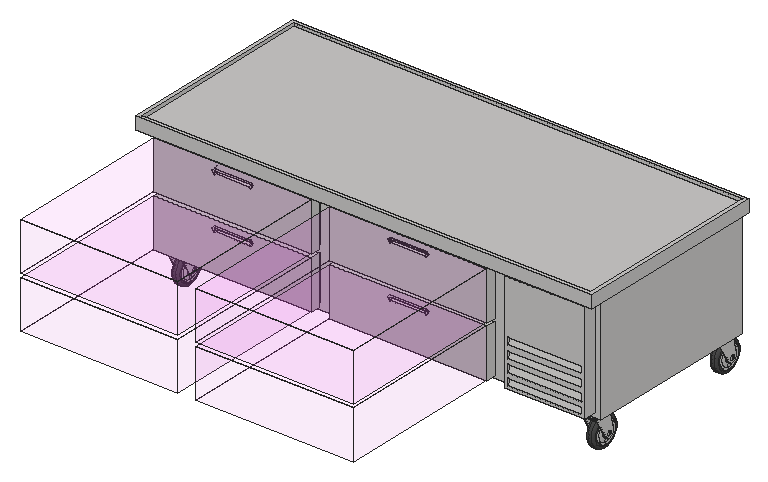
Revit family "QF_Kelvinator_738312_KCHCB72R_4-Drawer_Chef_Base_Refrigerator_74_Long", category Specialty Equipment, Revit 2021
Family settings
  Round Connector Dimension = Use Diameter
  Part Type = Normal
  Work Plane-Based = No
  Always vertical = Yes
  Cut with Voids When Loaded = No
  Shared = No
  Room Calculation Point = No
Parameters
  Weight in Pounds = 632.727
  Watts = 200 W
  Volts = 115 V
  URL Cutsheet = ""
  Specification by User = ""
  Specification by Manufacturer = ""
  Serial Number = ""
  Seismic Rating = ""
  SMACNA No = ""
  Revision Code = ""
  Refrigerant Type = "R290"
  Phase = 1
  Number of Poles = 1
  NAFEM Spec ID Number = ""
  Model = "738312 (KCHCB72R)"
  Min Ckt Ampacity = 0 A
  Max Overcurrent Protection = 0 A
  Masterspec = ""
  Manufacturer = "Kelvinator Commercial"
  Length = 74.016"
  Item Number = "738312"
  Installed By = ""
  Identify Quantity as Lot = yes
  Height = 25.984"
  HP = "1/5"
  Furnished By = ""
  Foodservice Equipment Identifier = yes
  FL Amps = 2.1 A
  Electrical Remarks = ""
  Electric Connection Type = ""
  Elec Conn RI Height = 0.000"
  Elec Conn Connection Height = 0.000"
  Description = "4-Drawer Chef Base Refrigerator 74\" Long"
  Depth = 31.890"
  Default Elevation = 0.000"
  Cycle = 60 Hz
  Conn Plug = "5-15P"
  Conn Conduit = yes
  CSI MasterFormat = ""
  Apparent Power = 0 VA
Reference planes (in)
  plane 1 "BACK": y = 0
  plane 2: z = 0
  plane 3 "LEFT": x = 0
  plane 4 "RIGHT": x = 74.016
  plane 5 "FRONT": y = -31.89
  plane 6 "TOP": z = 25.984
  plane 7 "Center Y": x = 37.008
  plane 8 "Center X": y = -15.945
Dimensions and locks (in)
  equal spacing: plane 3 "LEFT", plane 7 "Center Y", plane 4 "RIGHT"
  "Length": plane 3 "LEFT" to plane 4 "RIGHT"
  equal spacing: plane 5 "FRONT", plane 8 "Center X", plane 1 "BACK"
  "Depth": plane 5 "FRONT" to plane 1 "BACK"
  "Height": plane 6 "TOP" to level
  aligned and locked: level to plane 2
Nested families (in)
  nested 1: "Family2" at (0, 0, 0), type "Family2"
    with Show Clearance yes
Connectors (in)
  electrical at (37.00038, -2, 5.5), driven by "Volts", driven by "Watts"
    settings: on nested 1, index 1, voltage 115 V, apparent load 200 VA, apparent load phase1 0 VA, apparent load phase2 0 VA, apparent load phase3 0 VA, power factor 1, load classification "Other", number of poles 1, system type 30, power factor state 1, is connector primary yes, connector utility no, sub classification motor no, connector description ""
Definition of nested family "Family2"
  Parameters (values of type "Family2")
    Weight in Pounds = 0
    URL Cutsheet = ""
    Specification by User = ""
    Specification by Manufacturer = ""
    Show Clearance [instance] = yes
    Serial Number = ""
    Seismic Rating = ""
    SMACNA No = ""
    Revision Code = ""
    NAFEM Spec ID Number = ""
    Masterspec = ""
    Length = 74.016"
    Item Number = ""
    Installed By = ""
    Identify Quantity as Lot = yes
    Height = 25.984"
    Furnished By = ""
    Foodservice Equipment Identifier = yes
    Depth = 31.890"
    Default Elevation = 0.000"
    CSI MasterFormat = ""
  Reference planes (in)
    plane 1 "BACK": y = 0
    plane 2: z = 0
    plane 3 "LEFT": x = 0
    plane 4 "RIGHT": x = 74.016
    plane 5 "FRONT": y = -31.89
    plane 6 "TOP": z = 25.984
    plane 7 "Center Y": x = 37.008
    plane 8 "Center X": y = -15.945
    plane 9: x = 0.98475
    plane 10: x = 73.016
    plane 11: x = 2
    plane 12: x = 27.6
    plane 13: x = 72.016
    plane 14: x = 59.016
    plane 15: z = 15.1
    plane 16: z = 23
    plane 17: z = 5.984
    plane 18: z = 23.984
    plane 19: y = -28.7
    plane 20: y = -57.9
    plane 21: x = 0.5
    plane 22: x = 73.516
    plane 23: z = 14.6
    plane 24: z = 6.7
    plane 25: x = 71.516
    plane 26: x = 59.516
    plane 27: x = 70.766
    plane 28: x = 3.25
    plane 29: x = 30.5375
  Forms (in)
    Extrusion 1, solid
      sketch origin (0.98475, -180, 36.08177) x (0, 0, 1) y (0, -1, 0)
        loop
          line (-12.09777, -151.3) -> (-30.08177, -151.3) -> (-30.08177, -180) -> (-12.09777, -180) -> (-12.09777, -151.3)
      from 0 to 72.03125
    Extrusion 2, solid
      sketch origin (0, 0, 0) x (0, 1, 0) y (0, 0, 1)
        loop
          line (-31.89, 25.984) -> (-31.89, 23.984) -> (0, 23.984) -> (0, 25.984) -> (-31.89, 25.984)
      from 0 to 74.016
    Extrusion 3, void
      sketch origin (0.5, -180, 24.54005) x (0, 0, 1) y (0, -1, 0)
        loop
          line (1.44395, -148.61) -> (0.94395, -148.61) -> (0.94395, -179.5) -> (1.44395, -179.5) -> (1.44395, -148.61)
      from 0 to 73.016
    Extrusion 4, solid
      sketch origin (0, -28.7, -3.09046) x (0, 0, -1) y (1, 0, 0)
        loop
          line (-26.09046, 59.016) -> (-9.79046, 59.016) -> (-9.79046, 72.016) -> (-26.09046, 72.016) -> (-26.09046, 59.016)
      from 0 to 2
    Extrusion 5, void
      sketch origin (71.516, -180, 13.44376) x (0, 0, -1) y (0, -1, 0)
        loop
          line (6.33783, -149.285) -> (6.33783, -148.91) -> (-0.83628, -148.91) -> (-0.83628, -149.7453) -> (0.38717, -149.3) -> (1.16811, -149.3) -> (1.16811, -149.7453) -> (2.39156, -149.3) -> (3.17249, -149.3) -> (3.17249, -149.7453) -> (4.39594, -149.3) -> (5.11438, -149.3) -> (5.11438, -149.7453) -> (6.33783, -149.285)
      from 0 to 12
    Extrusion 6, solid
      sketch origin (0.98475, 0, 6) x (-1, 0, 0) y (0, 1, 0)
        loop
          circle (-36.01563, -2) r 0.25
      from 0 to 0.5
  Cuts and joins
    Extrusion 3 cuts Extrusion 2
    Extrusion 5 cuts Extrusion 4
  Lines and regions (in)
    symbolic lines
      curve 1: line (0, 0, 0) -> (0, -31.89, 0)
      curve 2: line (0, -31.89, 0) -> (74.016, -31.89, 0)
      curve 3: line (74.016, -31.89, 0) -> (74.016, 0, 0)
      curve 4: line (74.016, 0, 0) -> (0, 0, 0)
      curve 5: line (0.5, -31.39, 0) -> (0.5, -0.5, 0)
      curve 6: line (0.5, -0.5, 0) -> (73.516, -0.5, 0)
      curve 7: line (73.516, -0.5, 0) -> (73.516, -31.39, 0)
      curve 8: line (73.516, -31.39, 0) -> (0.5, -31.39, 0)
  Dimensions and locks (in)
    equal spacing: plane 3 "LEFT", plane 7 "Center Y", plane 4 "RIGHT"
    "Length": plane 3 "LEFT" to plane 4 "RIGHT"
    equal spacing: plane 5 "FRONT", plane 8 "Center X", plane 1 "BACK"
    "Depth": plane 5 "FRONT" to plane 1 "BACK"
    "Height": plane 6 "TOP" to level
    plane 3 "LEFT" to plane 4 "RIGHT" = 74.016"
    plane 10 to plane 9 = 72.03125"
    plane 11 to plane 12 = 25.600"
    locked: plane 14 to plane 13 at 13
    plane 16 to plane 15 = 7.900"  (x2)
    plane 6 "TOP" to plane 17 = 20.000"
    plane 18 to plane 17 = 18.000"
    plane 19 to plane 1 "BACK" = 28.700"
    plane 5 "FRONT" to plane 1 "BACK" = 31.890"
    plane 20 to plane 1 "BACK" = 57.900"
    plane 17 to level = 5.984"
    locked: plane 4 "RIGHT" to plane 10 at 1
    locked: plane 4 "RIGHT" to plane 22 at 0.5
    plane 23 to plane 24 = 7.900"
    locked: plane 13 to plane 4 "RIGHT" at 2
    locked: plane 13 to plane 25 at 0.5
    locked: plane 14 to plane 26 at 0.5
    locked: plane 4 "RIGHT" to plane 27 at 3.25
    locked: plane 3 "LEFT" to plane 11 at 2
    aligned and locked: level to plane 2
    aligned and locked: plane 10 to Extrusion 1
    aligned and locked: Extrusion 2 to plane 4 "RIGHT"
    aligned and locked: plane 18 to Extrusion 1
    aligned and locked: plane 22 to cut or joined group of Extrusion 2, Extrusion 3
    aligned and locked: Extrusion 5 to plane 26
    aligned and locked: plane 14 to Extrusion 4
    aligned and locked: Extrusion 4 to plane 13
    aligned and locked: nested 4 to plane 28
    aligned and locked: plane 27 to nested 5
    aligned and locked: nested 6 to plane 28
    aligned and locked: plane 27 to nested 3
    aligned and locked: plane 29 to nested 7
    aligned and locked: plane 29 to nested 8
  Automatic sketch dimensions
    level to Extrusion 1 sketch curve = 6.000"
    plane 16 to Extrusion 1 sketch curve = 0.984"
    Extrusion 1 sketch curve to plane 1 "BACK" = 0.000"
    Extrusion 1 sketch curve to plane 19 = 0.000"
    Extrusion 2 sketch curve to plane 5 "FRONT" = 0.000"
    Extrusion 2 sketch curve to plane 1 "BACK" = 0.000"
    Extrusion 2 sketch curve to plane 18 = 0.000"
    Extrusion 2 sketch curve to plane 6 "TOP" = 0.000"
    Extrusion 3 sketch curve to plane 6 "TOP" = 0.000"
    Extrusion 3 sketch curve to plane 6 "TOP" = 0.500"
    plane 1 "BACK" to Extrusion 3 sketch curve = 0.500"
    Extrusion 3 sketch curve to plane 5 "FRONT" = 0.500"
    plane 13 to Extrusion 4 sketch curve = 0.000"
    Extrusion 4 sketch curve to plane 16 = 0.000"
    plane 14 to Extrusion 4 sketch curve = 0.000"
    Extrusion 4 sketch curve to plane 24 = 0.000"
    plane 24 to Extrusion 5 sketch curve = 0.40593"
    Extrusion 5 sketch curve to Extrusion 5 sketch curve = 1.22345"  (x3)
    Extrusion 5 sketch curve to Extrusion 5 sketch curve = 0.71843"
    plane 19 to Extrusion 5 sketch curve = 1.5547"  (x4)
    Extrusion 5 sketch curve to Extrusion 5 sketch curve = 0.78093"  (x2)
    Extrusion 5 sketch curve to plane 23 = 0.31996"
    Extrusion 5 sketch curve to Extrusion 5 sketch curve = 0.4453"  (x3)
    Extrusion 5 sketch curve to plane 5 "FRONT" = 1.175"
    Extrusion 5 sketch curve to Extrusion 5 sketch curve = 0.375"
    curve 1 to plane 3 "LEFT" = 0.000"
    plane 1 "BACK" to curve 3 = 0.000"
    curve 3 to plane 4 "RIGHT" = 0.000"
    plane 5 "FRONT" to curve 1 = 0.000"
    curve 5 to plane 21 = 0.000"
    curve 8 to plane 22 = 0.000"
    curve 5 to plane 5 "FRONT" = 0.500"
    plane 1 "BACK" to curve 5 = 0.500"
    Extrusion 1 to Extrusion 6 sketch curve = 2.000"
    Extrusion 6 sketch curve to Extrusion 1 = 36.01562"
    radius of Extrusion 6 sketch curve = 0.250"
  Nested families (in)
    nested 1: "Family3" at (2, -28.7, 15.1), Show Clearance <- "Show Clearance", type "Family3"
    nested 2: "Family3" at (2, -28.7, 6.7), Show Clearance <- "Show Clearance", type "Family3"
    nested 3: "6 INCHES 02_CASTER" at (70.766, -26.8125, 0), type "6 INCHES 02_CASTER"
      with Type Mark "", Specification by User "", Show Casters yes, Revision Code "", Item Number "", Installed By "", Identify Quantity as Lot yes, Furnished By "", Foodservice Equipment Identifier yes
    nested 4: "6 INCHES 02_CASTER" at (3.25, -26.8125, 0), type "6 INCHES 02_CASTER"
      with Type Mark "", Specification by User "", Show Casters yes, Revision Code "", Item Number "", Installed By "", Identify Quantity as Lot yes, Furnished By "", Foodservice Equipment Identifier yes
    nested 5: "6 INCHES 02_CASTER" at (70.766, -1.8125, 0), type "6 INCHES 02_CASTER"
      with Type Mark "", Specification by User "", Show Casters yes, Revision Code "", Item Number "", Installed By "", Identify Quantity as Lot yes, Furnished By "", Foodservice Equipment Identifier yes
    nested 6: "6 INCHES 02_CASTER" at (3.25, -1.8125, 0), type "6 INCHES 02_CASTER"
      with Type Mark "", Specification by User "", Show Casters yes, Revision Code "", Item Number "", Installed By "", Identify Quantity as Lot yes, Furnished By "", Foodservice Equipment Identifier yes
    nested 7: "Family3" at (30.5375, -28.7, 15.1), Show Clearance <- "Show Clearance", type "Family3"
    nested 8: "Family3" at (30.5375, -28.7, 6.7), Show Clearance <- "Show Clearance", type "Family3"
  Definition of nested family "Family3"
    Parameters (values of type "Family3")
      Weight in Pounds = 0
      URL Cutsheet = ""
      Specification by User = ""
      Specification by Manufacturer = ""
      Show Clearance [instance] = yes
      Serial Number = ""
      Seismic Rating = ""
      SMACNA No = ""
      Revision Code = ""
      NAFEM Spec ID Number = ""
      Masterspec = ""
      Length = 25.600"
      Item Number = ""
      Installed By = ""
      Identify Quantity as Lot = yes
      Height = 7.900"
      Furnished By = ""
      Foodservice Equipment Identifier = yes
      Depth = 2.000"
      Default Elevation = 0.000"
      CSI MasterFormat = ""
    Reference planes (in)
      plane 1 "BACK": y = 0
      plane 2: z = 0
      plane 3 "LEFT": x = 0
      plane 4 "RIGHT": x = 25.6
      plane 5 "FRONT": y = -2
      plane 6 "TOP": z = 7.9
      plane 7 "Center Y": x = 12.8
      plane 8 "Center X": y = -1
      plane 9: y = -29.2
      plane 10: x = 0.3125
      plane 11: x = 25.2875
      plane 12: y = -3.28088
    Forms (in)
      Extrusion 1, solid
        sketch origin (0, 0, 0) x (1, 0, 0) y (0, 0, 1)
          loop
            line (0, 7.9) -> (0, 0) -> (25.6, 0) -> (25.6, 7.9) -> (0, 7.9)
        from 0.55357 to 2
      Extrusion 2, void
        sketch origin (12.8, 6.90541, 47.5625) x (0, -1, 0) y (0, 0, 1)
          loop
            line (8.90541, -41.4125) -> (8.90541, -40.85381) -> (8.53969, -40.48809) -> (8.07278, -40.955) -> (8.24839, -41.4125) -> (8.90541, -41.4125)
        from -3 to 3
      Extrusion 3, solid
        sketch origin (0, -2, 0) x (1, 0, 0) y (0, 0, 1)
          loop
            line (15.61904, 6.70869) -> (15.72024, 6.6075) -> (15.61904, 6.15) -> (15.8, 6.15) -> (16.07615, 6.60514) -> (15.7226, 6.95869) -> (9.8774, 6.95869) -> (9.52385, 6.60514) -> (9.80153, 6.14747) -> (9.98151, 6.14747) -> (9.87976, 6.6075) -> (9.98096, 6.70869) -> (15.61904, 6.70869)
        from 0.10088 to -1
      Extrusion 4, solid, visible <- "Show Clearance"
        sketch origin (0, 0, 0) x (0, 1, 0) y (0, 0, 1)
          loop
            line (-29.2, 7.9) -> (-29.2, 0) -> (-2, 0) -> (-2, 7.9) -> (-29.2, 7.9)
        from 0 to 25.6
      Extrusion 5, solid
        sketch origin (0.3125, -180, 8.89478) x (0, 0, 1) y (0, -1, 0)
          loop
            line (-1.29318, -179.44643) -> (-8.58228, -179.44643) -> (-8.58228, -179.75) -> (-1.29318, -179.75) -> (-1.29318, -179.44643)
        from 0 to 24.975
      Extrusion 6, solid
        sketch origin (0.3125, -179.75, 8.89478) x (0, 0, 1) y (0, -1, 0)
          loop
            line (-1.29318, -179.5) -> (-8.58228, -179.5) -> (-8.58228, -179.75) -> (-1.29318, -179.75) -> (-1.29318, -179.5)
        from 0 to 24.975
    Cuts and joins
      Extrusion 2 cuts Extrusion 1
      Extrusion 2 cuts Extrusion 3
      joined: Extrusion 1, Extrusion 3
    Lines and regions (in)
      symbolic lines, visible <- "Show Clearance"
        curve 1: line (0, -3.28088, 0) -> (0, -29.2, 0)
        curve 2: line (0, -29.2, 0) -> (25.6, -29.2, 0)
        curve 3: line (25.6, -29.2, 0) -> (25.6, -3.28088, 0)
    Dimensions and locks (in)
      equal spacing: plane 3 "LEFT", plane 7 "Center Y", plane 4 "RIGHT"
      "Length": plane 3 "LEFT" to plane 4 "RIGHT"
      equal spacing: plane 5 "FRONT", plane 8 "Center X", plane 1 "BACK"
      "Depth": plane 5 "FRONT" to plane 1 "BACK"
      "Height": plane 6 "TOP" to level
      plane 9 to plane 5 "FRONT" = 27.200"
      locked: plane 11 to plane 4 "RIGHT" at 0.3125
      locked: plane 3 "LEFT" to plane 10 at 0.3125
      aligned and locked: level to plane 2
      aligned and locked: Extrusion 4 to plane 4 "RIGHT"
      aligned and locked: Extrusion 6 to plane 11
      aligned and locked: Extrusion 5 to plane 11
    Automatic sketch dimensions
      Extrusion 1 sketch curve to level = 0.000"
      Extrusion 1 sketch curve to plane 3 "LEFT" = 0.000"
      plane 4 "RIGHT" to Extrusion 1 sketch curve = 0.000"
      Extrusion 1 sketch curve to plane 6 "TOP" = 0.000"
      Extrusion 2 sketch curve to plane 5 "FRONT" = 0.000"
      Extrusion 2 sketch curve to plane 5 "FRONT" = 0.36572"
      Extrusion 2 sketch curve to plane 8 "Center X" = 0.34299"
      Extrusion 2 sketch curve to plane 8 "Center X" = 0.16737"
      Extrusion 2 sketch curve to plane 6 "TOP" = 1.750"
      Extrusion 2 sketch curve to Extrusion 2 sketch curve = 0.4575"
      Extrusion 2 sketch curve to Extrusion 2 sketch curve = 0.55869"
      Extrusion 3 sketch curve to plane 6 "TOP" = 1.29486"  (x2)
      Extrusion 3 sketch curve to plane 7 "Center Y" = 3.27615"
      Extrusion 3 sketch curve to Extrusion 3 sketch curve = 0.27768"
      Extrusion 3 sketch curve to Extrusion 3 sketch curve = 0.35355"
      Extrusion 3 sketch curve to plane 6 "TOP" = 1.2925"  (x2)
      Extrusion 3 sketch curve to Extrusion 3 sketch curve = 0.00236"
      Extrusion 3 sketch curve to Extrusion 3 sketch curve = 0.10119"  (x2)
      Extrusion 3 sketch curve to Extrusion 3 sketch curve = 0.17998"
      Extrusion 3 sketch curve to plane 6 "TOP" = 1.19131"
      plane 7 "Center Y" to Extrusion 3 sketch curve = 2.81904"
      Extrusion 3 sketch curve to Extrusion 3 sketch curve = 0.000"
      Extrusion 3 sketch curve to plane 6 "TOP" = 0.94131"
      Extrusion 3 sketch curve to Extrusion 3 sketch curve = 0.10355"
      Extrusion 3 sketch curve to Extrusion 3 sketch curve = 0.18096"
      Extrusion 3 sketch curve to Extrusion 3 sketch curve = 0.35591"
      Extrusion 3 sketch curve to Extrusion 3 sketch curve = 0.4575"
      Extrusion 3 sketch curve to Extrusion 3 sketch curve = 0.46003"
      Extrusion 4 sketch curve to level = 0.000"
      Extrusion 4 sketch curve to plane 9 = 0.000"
      Extrusion 4 sketch curve to plane 5 "FRONT" = 0.000"
      Extrusion 4 sketch curve to plane 6 "TOP" = 0.000"
      level to Extrusion 5 sketch curve = 0.3125"
      Extrusion 5 sketch curve to plane 6 "TOP" = 0.29841"
      plane 1 "BACK" to Extrusion 5 sketch curve = 0.250"
      Extrusion 5 sketch curve to Extrusion 5 sketch curve = 0.30357"
      level to Extrusion 6 sketch curve = 0.3125"
      Extrusion 6 sketch curve to plane 6 "TOP" = 0.29841"
      plane 1 "BACK" to Extrusion 6 sketch curve = 0.000"
      Extrusion 6 sketch curve to Extrusion 6 sketch curve = 0.250"
      curve 1 to plane 3 "LEFT" = 0.000"
      curve 3 to plane 4 "RIGHT" = 0.000"
      curve 1 to plane 9 = 0.000"
      curve 3 to plane 12 = 0.000"
      curve 1 to plane 12 = 0.000"
  Definition of nested family "6 INCHES 02_CASTER"
    Parameters (values of type "6 INCHES 02_CASTER")
      Weight = ""
      URL Manufacturer = ""
      URL Cutsheet = ""
      URL = ""
      Type Mark [instance] = ""
      Specification by User [instance] = ""
      Specification by Manufacturer = ""
      Show Casters [instance] = yes
      Serial Number = ""
      Seismic Rating = ""
      SMACNA No = ""
      Revision Code [instance] = ""
      Omniclass Number and Title = ""
      NAFEM Spec ID Number = ""
      Model = ""
      MasterSpec. = ""
      Manufacturer = ""
      Item Number [instance] = ""
      Installed By [instance] = ""
      Identify Quantity as Lot [instance] = yes
      Furnished By [instance] = ""
      Foodservice Equipment Identifier [instance] = yes
      Description = ""
      Default Elevation = 0.000"
      CSI MasterFormat = ""
      CSI Master Format = ""
    Reference planes (in)
      plane 1 "BACK": y = 0
      plane 2: z = 0
      plane 3 "LEFT": x = 0
      plane 4 "RIGHT": x = 0
      plane 5 "FRONT": y = 0
      plane 6 "TOP": z = 6
    Forms (in)
      Revolve 1, solid, visible <- "Show Casters"
        sketch origin (-2.21793, 0, -0.25) x (-1, 0, 0) y (0, 0, 1)
          loop
            line (-2.21793, 6) -> (-2.21793, 5.55584) -> (-0.93693, 5.55584) -> (-0.93693, 6) -> (-2.21793, 6)
          axis (-2.21793, 5.55584) -> (-2.21793, 6)
        angle from 0 to 360
      Extrusion 2, solid, visible <- "Show Casters"
        sketch origin (0.25594, 2.08988, -0.1875) x (0, 1, 0) y (0, 0, 1)
          loop
            line (-3.37793, 5.49334) -> (-3.37793, 5.24334) -> (-1.67236, 2.30765)
            arc (-1.67236, 2.30765) -> (-0.65502, 1.97635) -> (-0.25363, 2.96812) r 0.78437
            line (-0.25363, 2.96812) -> (-0.80182, 5.49334) -> (-3.37793, 5.49334)
        from 0.78968 to 0.90247
      Extrusion 3, solid, visible <- "Show Casters"
        sketch origin (0, 0, 5.75) x (0, 1, 0) y (-1, 0, 0)
          loop
            circle (0, 0) r 0.75
        from 0 to 0.25
      Extrusion 4, solid, visible <- "Show Casters"
        sketch origin (-0.25594, 2.08988, -0.1875) x (0, 1, 0) y (0, 0, -1)
          loop
            line (-3.37793, -5.24334) -> (-3.37793, -5.49334) -> (-0.80182, -5.49334) -> (-0.25363, -2.96812)
            arc (-0.25363, -2.96812) -> (-0.65502, -1.97635) -> (-1.67236, -2.30765) r 0.78437
            line (-1.67236, -2.30765) -> (-3.37793, -5.24334)
        from 0.78968 to 0.90247
      Extrusion 5, solid, visible <- "Show Casters"
        sketch origin (0, -0.12806, 0.75) x (0, 1, 0) y (0, 0, 1)
          loop
            line (-1.16, 4.55584) -> (-1.16, 4.30584) -> (1.41611, 4.30584) -> (1.41611, 4.55584) -> (-1.16, 4.55584)
        from -1.04562 to 1.04562
      Revolve 6, solid, visible <- "Show Casters"
        sketch origin (-1.9375, 1.11772, -0.12802) x (1, 0, 0) y (0, 0, 1)
          loop
            line (0.5843, 2.5666) -> (0.5843, 2.4286) -> (0.6343, 2.3786) -> (0.6943, 2.3786) -> (0.6943, 2.2429) -> (1.1725, 2.2429) -> (1.1725, 1.84743) -> (1.30191, 1.77271) -> (1.42647, 1.00302) -> (1.28125, 1.00302) -> (1.28125, 0.75302) -> (1.3125, 0.75302) -> (1.3125, 0.50302)
            arc (1.3125, 0.50302) -> (1.42233, 0.23785) -> (1.6875, 0.12802) r 0.375
            line (1.6875, 0.12802) -> (2.1875, 0.12802)
            arc (2.1875, 0.12802) -> (2.45267, 0.23785) -> (2.5625, 0.50302) r 0.375
            line (2.5625, 0.50302) -> (2.5625, 0.75302) -> (2.59375, 0.75302) -> (2.59375, 1.00302) -> (2.44853, 1.00302) -> (2.57366, 1.77622) -> (2.7025, 1.85061) -> (2.7025, 2.2429) -> (3.1807, 2.2429) -> (3.1807, 2.3786) -> (3.2407, 2.3786) -> (3.2907, 2.4286) -> (3.2907, 2.5666) -> (0.5843, 2.5666)
          axis (0.5843, 2.5666) -> (3.2907, 2.5666)
        angle from 0 to 360
    Cuts and joins
      joined: Extrusion 2, Extrusion 4, Extrusion 5
    Lines and regions (in)
      symbolic lines, visible <- "Show Casters"
        curve 1: line (0.45873, 2.04243, 0) -> (1.54127, 1.41743, 0)
        curve 2: line (-1.54127, -1.42167, 0) -> (-0.79127, -0.12263, 0)
        curve 3: line (-0.45873, -2.04667, 0) -> (-1.54127, -1.42167, 0)
        curve 4: line (1.54127, 1.41743, 0) -> (0.79127, 0.11839, 0)
        curve 5: line (-0.29127, 0.74339, 0) -> (0.45873, 2.04243, 0)
        curve 6: line (0.29127, -0.74763, 0) -> (-0.45873, -2.04667, 0)
    Dimensions and locks (in)
      plane 6 "TOP" to level = 6.000"  (x2)
      aligned and locked: level to plane 2
